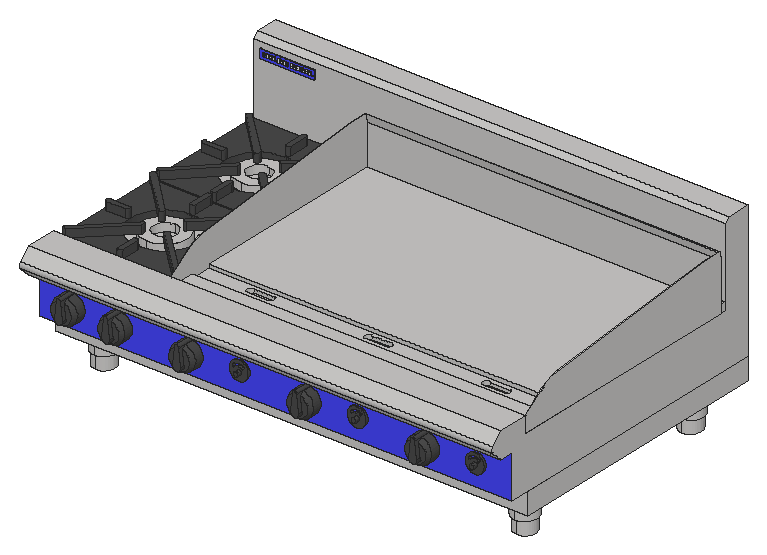
Revit family "QF_MOFFAT_BLUESEAL_CE_G518A-B", category Specialty Equipment, Revit 2012
Parameters
  Width = 1200 mm  # constant formula
  Weight in Pounds = 347  # constant formula
  URL Cutsheet = "www.moffat.com"
  URL = "www.moffat.com"
  Type Mark [instance] = ""
  Status [instance] = ""
  Specification by User [instance] = ""
  Specification by Manufacturer = ""
  Show Logo [instance] = yes
  Serial Number = ""
  Seismic Rating = ""
  SMACNA No = ""
  Revision Code [instance] = ""
  Omniclass Number and Title = ""
  NAFEM Spec ID Number = ""
  Model = "G518A-B"
  Mechanical Remarks [instance] = ""
  Mechanical Connection Type [instance] = ""
  Masterspec = ""
  Manufacturer = "MOFFAT BLUESEAL"
  Item Number [instance] = ""
  Installed By [instance] = ""
  Identify Quantity as Lot [instance] = yes
  Height = 485 mm  # constant formula
  Gas Size = 3/4"
  Gas RI Height [instance] = 0 mm
  Gas KW = 32
  Gas Input [instance] = 81500.0 Btu/h
  Gas Connection Height = 0 mm
  Furnished By [instance] = ""
  Foodservice Equipment Identifier [instance] = yes
  Description = "1200MM GAS COOK TOP BENCH MOUNT"
  Depth = 812 mm  # constant formula
  CSI MasterFormat = ""
  CSI Master Format = ""
Reference planes
  plane 1 "BACK": y = 0
  plane 2: z = 0
  plane 3 "LEFT": x = 0
  plane 4 "RIGHT": x = 1200
  plane 5 "FRONT": y = -812
  plane 6 "TOP": z = 370
  plane 7 "Center Y": x = 600
  plane 8 "Center X": y = -406
  plane 9: z = 485
  plane 10: z = 315
Forms (mm)
  Revolve 1, solid, material "QF_Finishes_Stainless Steel"
    sketch origin (65.5, -728, 0) x (0, 1, 0) y (0, 0, 1)
      loop
        line (71.25, 85) -> (71.25, 35) -> (75.5, 35) -> (75.5, 0) -> (103, 0) -> (103, 85) -> (71.25, 85)
      axis (103, 85) -> (103, 0)
    angle from 0 to 360
  Revolve 2, solid, material "QF_Finishes_Stainless Steel"
    sketch origin (65.5, -210, 0) x (0, 1, 0) y (0, 0, 1)
      loop
        line (78.25, 85) -> (78.25, 35) -> (82.5, 35) -> (82.5, 0) -> (110, 0) -> (110, 85) -> (78.25, 85)
      axis (110, 85) -> (110, 0)
    angle from 0 to 360
  Extrusion 3, solid, material "QF_Finishes_Stainless Steel"
    sketch origin (405, 3, -500) x (1, 0, 0) y (0, 1, 0)
      loop
        circle (665, -35) r 13.5
    from 555 to 585
  Revolve 4, solid, material "QF_Finishes_Black"
    sketch origin (89.999, 7, -0.127) x (0, 1, 0) y (0, 0, -1)
      loop
        line (-789, -229.5) -> (-766, -229.5) -> (-766, -202) -> (-756, -202) -> (-756, -197) -> (-800, -197) -> (-800, -223.651) -> (-789, -229.5)
      axis (-800, -197) -> (-756, -197)
    angle from 0 to 360
  Extrusion 5, solid, material "QF_Finishes_Black"
    sketch origin (228.269, 7, 0.031) x (-1, 0, 0) y (0, 0, -1)
      loop
        line (127.85, -186.163) -> (133.27, -229.082)
        arc (133.27, -229.082) -> (138.269, -233.969) -> (143.267, -229.082) r 5
        line (143.267, -229.082) -> (148.756, -184.996)
        arc (148.756, -184.996) -> (137.684, -174.498) -> (127.85, -186.163) r 10.487
    from 759 to 808
  Extrusion 6, solid, material "QF_Finishes_Stainless Steel"
    sketch origin (0, 0, 0) x (0, 1, 0) y (0, 0, 1)
      loop
        line (-784.97, 250) -> (-749, 250) -> (-749, 140) -> (0, 140) -> (0, 485) -> (-57.5, 485) -> (-70, 472.5) -> (-70, 275) -> (-705, 275) -> (-705, 315) -> (-783.97, 315) -> (-808.498, 290.472)
        arc (-808.498, 290.472) -> (-812.007, 282) -> (-808.498, 273.528) r 11.982
        line (-808.498, 273.528) -> (-784.97, 250)
      loop
        line (0, 85) -> (0, 139.206) -> (-699, 139.206) -> (-699, 85) -> (0, 85)
    from 0 to 1200
  Revolve 7, solid, material "QF_Finishes_Black"
    sketch origin (210, 7, 0) x (0, 1, 0) y (0, 0, -1)
      loop
        line (-789, -229.5) -> (-766, -229.5) -> (-766, -202) -> (-756, -202) -> (-756, -197) -> (-800, -197) -> (-800, -223.651) -> (-789, -229.5)
      axis (-800, -197) -> (-756, -197)
    angle from 0 to 360
  Extrusion 8, solid, material "QF_Finishes_Black"
    sketch origin (348.27, 7, 0.158) x (-1, 0, 0) y (0, 0, -1)
      loop
        line (127.85, -186.163) -> (133.27, -229.082)
        arc (133.27, -229.082) -> (138.269, -233.969) -> (143.267, -229.082) r 5
        line (143.267, -229.082) -> (148.756, -184.996)
        arc (148.756, -184.996) -> (137.684, -174.498) -> (127.85, -186.163) r 10.487
    from 759 to 808
  Revolve 9, solid, material "QF_Finishes_Stainless Steel"
    sketch origin (1134.5, -728, 0) x (0, 1, 0) y (0, 0, -1)
      loop
        line (71.25, -85) -> (103, -85) -> (103, 0) -> (75.5, 0) -> (75.5, -35) -> (71.25, -35) -> (71.25, -85)
      axis (103, -85) -> (103, 0)
    angle from 0 to 360
  Revolve 10, solid, material "QF_Finishes_Stainless Steel"
    sketch origin (1134.5, -210, 0) x (0, 1, 0) y (0, 0, -1)
      loop
        line (78.25, -85) -> (110, -85) -> (110, 0) -> (82.5, 0) -> (82.5, -35) -> (78.25, -35) -> (78.25, -85)
      axis (110, -85) -> (110, 0)
    angle from 0 to 360
  Revolve 11, solid, material "QF_Finishes_Black"
    sketch origin (389.999, 7, -0.127) x (0, 1, 0) y (0, 0, -1)
      loop
        line (-789, -229.5) -> (-766, -229.5) -> (-766, -202) -> (-756, -202) -> (-756, -197) -> (-800, -197) -> (-800, -223.651) -> (-789, -229.5)
      axis (-800, -197) -> (-756, -197)
    angle from 0 to 360
  Extrusion 12, solid, material "QF_Finishes_Black"
    sketch origin (528.269, 7, 0.031) x (-1, 0, 0) y (0, 0, -1)
      loop
        line (127.85, -186.163) -> (133.27, -229.082)
        arc (133.27, -229.082) -> (138.269, -233.969) -> (143.267, -229.082) r 5
        line (143.267, -229.082) -> (148.756, -184.996)
        arc (148.756, -184.996) -> (137.684, -174.498) -> (127.85, -186.163) r 10.487
    from 759 to 808
  Revolve 13, solid, material "QF_Finishes_Black"
    sketch origin (689.999, 7, -0.127) x (0, 1, 0) y (0, 0, -1)
      loop
        line (-789, -229.5) -> (-766, -229.5) -> (-766, -202) -> (-756, -202) -> (-756, -197) -> (-800, -197) -> (-800, -223.651) -> (-789, -229.5)
      axis (-800, -197) -> (-756, -197)
    angle from 0 to 360
  Extrusion 14, solid, material "QF_Finishes_Black"
    sketch origin (828.269, 7, 0.031) x (-1, 0, 0) y (0, 0, -1)
      loop
        line (127.85, -186.163) -> (133.27, -229.082)
        arc (133.27, -229.082) -> (138.269, -233.969) -> (143.267, -229.082) r 5
        line (143.267, -229.082) -> (148.756, -184.996)
        arc (148.756, -184.996) -> (137.684, -174.498) -> (127.85, -186.163) r 10.487
    from 759 to 808
  Revolve 15, solid, material "QF_Finishes_Black"
    sketch origin (989.999, 7, -0.127) x (0, 1, 0) y (0, 0, -1)
      loop
        line (-789, -229.5) -> (-766, -229.5) -> (-766, -202) -> (-756, -202) -> (-756, -197) -> (-800, -197) -> (-800, -223.651) -> (-789, -229.5)
      axis (-800, -197) -> (-756, -197)
    angle from 0 to 360
  Extrusion 16, solid, material "QF_Finishes_Black"
    sketch origin (1128.269, 7, 0.031) x (-1, 0, 0) y (0, 0, -1)
      loop
        line (127.85, -186.163) -> (133.27, -229.082)
        arc (133.27, -229.082) -> (138.269, -233.969) -> (143.267, -229.082) r 5
        line (143.267, -229.082) -> (148.756, -184.996)
        arc (148.756, -184.996) -> (137.684, -174.498) -> (127.85, -186.163) r 10.487
    from 759 to 808
  Extrusion 17, solid, material "QF_Finishes_Black"
    sketch origin (0, -749, 266) x (0, 0, -1) y (1, 0, 0)
      loop
        circle (69, 510) r 23.9
      loop
        arc (61.641, 518.419) -> (62.501, 523.219) -> (57.701, 524.079) r 3.448
        arc (57.701, 524.079) -> (51.116, 509.341) -> (58.919, 495.209) r 18.095
        arc (58.919, 495.209) -> (63.641, 496.491) -> (62.326, 501.204) r 3.448
        arc (62.326, 501.204) -> (58.758, 509.683) -> (61.641, 518.419) r 13.109
      loop
        circle (69, 810) r 23.9
      loop
        arc (61.641, 818.419) -> (62.501, 823.219) -> (57.701, 824.079) r 3.448
        arc (57.701, 824.079) -> (51.116, 809.341) -> (58.919, 795.209) r 18.095
        arc (58.919, 795.209) -> (63.641, 796.491) -> (62.326, 801.204) r 3.448
        arc (62.326, 801.204) -> (58.758, 809.683) -> (61.641, 818.419) r 13.109
      loop
        circle (69, 1110) r 23.9
      loop
        arc (61.641, 1118.419) -> (62.501, 1123.219) -> (57.701, 1124.079) r 3.448
        arc (57.701, 1124.079) -> (51.116, 1109.341) -> (58.919, 1095.209) r 18.095
        arc (58.919, 1095.209) -> (63.641, 1096.491) -> (62.326, 1101.204) r 3.448
        arc (62.326, 1101.204) -> (58.758, 1109.683) -> (61.641, 1118.419) r 13.109
    from 0 to 5
  Extrusion 18, solid, material "QF_Finishes_Black"
    sketch origin (0, -754, 266) x (0, 0, -1) y (1, 0, 0)
      loop
        circle (72.5, 510) r 5.75
      loop
        circle (72.5, 810) r 5.75
      loop
        circle (72.5, 1110) r 5.75
    from 0 to 10
Lines and regions (mm)
  Split face 1
    outline origin (0, 0, 485) x (0, -1, 0) y (1, 0, 0)
      loop
        arc (18.185, 32.794) -> (23.185, 24.134) -> (33.185, 24.134) r 10
        line (33.185, 24.134) -> (40.185, 28.176)
        arc (40.185, 28.176) -> (43.845, 31.836) -> (45.185, 36.836) r 10
        line (45.185, 36.836) -> (45.185, 264.794)
        arc (45.185, 264.794) -> (40.185, 273.455) -> (30.185, 273.455) r 10
        line (30.185, 273.455) -> (23.185, 269.413)
        arc (23.185, 269.413) -> (19.525, 265.753) -> (18.185, 260.753) r 10
        line (18.185, 260.753) -> (18.185, 32.794)
  Split face 2
    outline origin (0, 0, 485) x (0, -1, 0) y (1, 0, 0)
      loop
        arc (18.185, 332.794) -> (23.185, 324.134) -> (33.185, 324.134) r 10
        line (33.185, 324.134) -> (40.185, 328.176)
        arc (40.185, 328.176) -> (43.845, 331.836) -> (45.185, 336.836) r 10
        line (45.185, 336.836) -> (45.185, 564.794)
        arc (45.185, 564.794) -> (40.185, 573.455) -> (30.185, 573.455) r 10
        line (30.185, 573.455) -> (23.185, 569.413)
        arc (23.185, 569.413) -> (19.525, 565.753) -> (18.185, 560.753) r 10
        line (18.185, 560.753) -> (18.185, 332.794)
  Split face 3
    outline origin (0, 0, 485) x (0, -1, 0) y (1, 0, 0)
      loop
        arc (45.185, 1164.794) -> (40.185, 1173.455) -> (30.185, 1173.455) r 10
        line (30.185, 1173.455) -> (23.185, 1169.413)
        arc (23.185, 1169.413) -> (19.525, 1165.753) -> (18.185, 1160.753) r 10
        line (18.185, 1160.753) -> (18.185, 932.794)
        arc (18.185, 932.794) -> (23.185, 924.134) -> (33.185, 924.134) r 10
        line (33.185, 924.134) -> (40.185, 928.176)
        arc (40.185, 928.176) -> (43.845, 931.836) -> (45.185, 936.836) r 10
        line (45.185, 936.836) -> (45.185, 1164.794)
  Split face 4
    outline origin (0, 0, 485) x (0, -1, 0) y (1, 0, 0)
      loop
        line (45.185, 636.836) -> (45.185, 864.794)
        arc (45.185, 864.794) -> (40.185, 873.455) -> (30.185, 873.455) r 10
        line (30.185, 873.455) -> (23.185, 869.413)
        arc (23.185, 869.413) -> (19.525, 865.753) -> (18.185, 860.753) r 10
        line (18.185, 860.753) -> (18.185, 632.794)
        arc (18.185, 632.794) -> (23.185, 624.134) -> (33.185, 624.134) r 10
        line (33.185, 624.134) -> (40.185, 628.176)
        arc (40.185, 628.176) -> (43.845, 631.836) -> (45.185, 636.836) r 10
  symbolic lines
    curve 1: line (0, 0, 0) -> (0, -812, 0)
    curve 2: line (1200, 0, 0) -> (0, 0, 0)
    curve 3: line (1200, -812, 0) -> (1200, 0, 0)
    curve 4: line (0, -70, 0) -> (1200, -70, 0)
    curve 5: line (0, -812, 0) -> (1200, -812, 0)
    curve 6: line (1200, -705, 0) -> (0, -705, 0)
    curve 7: line (0, -783.97, 0) -> (1200, -783.97, 0)
    curve 8: line (36.836, -45.185, 0) -> (264.794, -45.185, 0)
    curve 9: arc (264.794, -45.185, 0) -> (273.455, -40.185, 0) -> (273.455, -30.185, 0) r 10
    curve 10: line (273.455, -30.185, 0) -> (269.413, -23.185, 0)
    curve 11: arc (269.413, -23.185, 0) -> (265.753, -19.525, 0) -> (260.753, -18.185, 0) r 10
    curve 12: line (260.753, -18.185, 0) -> (32.794, -18.185, 0)
    curve 13: arc (32.794, -18.185, 0) -> (24.134, -23.185, 0) -> (24.134, -33.185, 0) r 10
    curve 14: line (24.134, -33.185, 0) -> (28.176, -40.185, 0)
    curve 15: arc (28.176, -40.185, 0) -> (31.836, -43.845, 0) -> (36.836, -45.185, 0) r 10
    curve 16: line (336.836, -45.185, 0) -> (564.794, -45.185, 0)
    curve 17: arc (564.794, -45.185, 0) -> (573.455, -40.185, 0) -> (573.455, -30.185, 0) r 10
    curve 18: line (573.455, -30.185, 0) -> (569.413, -23.185, 0)
    curve 19: arc (569.413, -23.185, 0) -> (565.753, -19.525, 0) -> (560.753, -18.185, 0) r 10
    curve 20: line (560.753, -18.185, 0) -> (332.794, -18.185, 0)
    curve 21: arc (332.794, -18.185, 0) -> (324.134, -23.185, 0) -> (324.134, -33.185, 0) r 10
    curve 22: line (324.134, -33.185, 0) -> (328.176, -40.185, 0)
    curve 23: arc (328.176, -40.185, 0) -> (331.836, -43.845, 0) -> (336.836, -45.185, 0) r 10
    curve 24: line (0, -57.5, 0) -> (1200, -57.5, 0)
    curve 25: line (860.753, -18.185, 0) -> (632.794, -18.185, 0)
    curve 26: arc (632.794, -18.185, 0) -> (624.134, -23.185, 0) -> (624.134, -33.185, 0) r 10
    curve 27: line (624.134, -33.185, 0) -> (628.176, -40.185, 0)
    curve 28: arc (628.176, -40.185, 0) -> (631.836, -43.845, 0) -> (636.836, -45.185, 0) r 10
    curve 29: line (636.836, -45.185, 0) -> (864.794, -45.185, 0)
    curve 30: arc (864.794, -45.185, 0) -> (873.455, -40.185, 0) -> (873.455, -30.185, 0) r 10
    curve 31: line (873.455, -30.185, 0) -> (869.413, -23.185, 0)
    curve 32: arc (869.413, -23.185, 0) -> (865.753, -19.525, 0) -> (860.753, -18.185, 0) r 10
    curve 33: line (932.794, -18.185, 0) -> (1160.753, -18.185, 0)
    curve 34: arc (1160.753, -18.185, 0) -> (1165.753, -19.525, 0) -> (1169.413, -23.185, 0) r 10
    curve 35: line (1169.413, -23.185, 0) -> (1173.455, -30.185, 0)
    curve 36: arc (1173.455, -30.185, 0) -> (1173.455, -40.185, 0) -> (1164.794, -45.185, 0) r 10
    curve 37: line (1164.794, -45.185, 0) -> (936.836, -45.185, 0)
    curve 38: arc (936.836, -45.185, 0) -> (931.836, -43.845, 0) -> (928.176, -40.185, 0) r 10
    curve 39: line (928.176, -40.185, 0) -> (924.134, -33.185, 0)
    curve 40: arc (924.134, -33.185, 0) -> (924.134, -23.185, 0) -> (932.794, -18.185, 0) r 10
Dimensions and locks
  equal spacing: plane 3 "LEFT", plane 7 "Center Y", plane 4 "RIGHT"
  "Width": plane 3 "LEFT" to plane 4 "RIGHT"
  equal spacing: plane 5 "FRONT", plane 8 "Center X", plane 1 "BACK"
  "Depth": plane 5 "FRONT" to plane 1 "BACK"
  equal spacing: plane 4 "RIGHT", plane 7 "Center Y", plane 3 "LEFT"
  plane 4 "RIGHT" to plane 3 "LEFT" = 1200 mm
  Extrusion 3 to level = 55 mm
  Extrusion 3 to plane 1 "BACK" = 32 mm
  plane 5 "FRONT" to plane 1 "BACK" = 812 mm
  "Height": plane 9 to level
  plane 10 to level = 315 mm
  Extrusion 3 sketch curve to plane 4 "RIGHT" = 130 mm
  Extrusion 3 sketch curve to plane 1 "BACK" = 32 mm
  aligned and locked: level to plane 2
  aligned and locked: curve 3 to plane 4 "RIGHT"
  aligned and locked: Extrusion 6 to plane 4 "RIGHT"
Automatic sketch dimensions
  plane 1 "BACK" to curve 1 = 0 mm
  curve 1 to plane 3 "LEFT" = 0 mm
  plane 5 "FRONT" to curve 1 = 0 mm
  plane 3 "LEFT" to curve 13 = 24.134 mm
  curve 14 to curve 14 = 4.041 mm
  curve 13 to curve 13 = 8.66 mm
  curve 14 to curve 8 = 8.66 mm
  plane 1 "BACK" to curve 11 = 28.185 mm
  curve 15 to curve 11 = 223.917 mm
  curve 11 to curve 9 = 4.041 mm
  plane 1 "BACK" to curve 10 = 23.185 mm
  curve 11 to curve 10 = 8.66 mm
  plane 1 "BACK" to curve 10 = 30.185 mm
  curve 11 to curve 10 = 4.041 mm
  curve 9 to curve 21 = 50.679 mm
  plane 1 "BACK" to curve 22 = 40.185 mm
  curve 22 to curve 22 = 4.041 mm
  curve 21 to curve 21 = 8.66 mm
  curve 23 to curve 23 = 8.66 mm
  plane 1 "BACK" to curve 20 = 18.185 mm
  curve 20 to plane 7 "Center Y" = 39.247 mm
  curve 19 to curve 17 = 4.041 mm
  plane 1 "BACK" to curve 18 = 23.185 mm
  curve 19 to curve 18 = 8.66 mm
  curve 18 to curve 18 = 4.041 mm
  curve 7 to plane 5 "FRONT" = 28.03 mm
  curve 7 to curve 6 = 78.97 mm
  curve 4 to curve 13 = 51.815 mm
  curve 4 to curve 24 = 12.5 mm
  curve 15 to curve 12 = 27 mm
  curve 23 to curve 23 = 5 mm
  curve 8 to curve 15 = 5 mm
  curve 17 to curve 19 = 7 mm
  curve 14 to curve 14 = 7 mm
  curve 22 to curve 22 = 7 mm
  Revolve 1 sketch curve to level = 0 mm
  level to Revolve 1 sketch curve = 35 mm
  Revolve 1 sketch curve to plane 5 "FRONT" = 155.25 mm
  Revolve 1 sketch curve to Revolve 1 sketch curve = 4.25 mm
  Revolve 1 sketch curve to Revolve 1 sketch curve = 27.5 mm  (x2)
  Revolve 1 sketch curve to Revolve 1 sketch curve = 55 mm
  Revolve 1 sketch curve to Revolve 1 sketch curve = 15 mm
  Revolve 1 sketch curve to Revolve 1 sketch curve = 35 mm
  Revolve 2 sketch curve to level = 0 mm
  level to Revolve 2 sketch curve = 35 mm
  plane 1 "BACK" to Revolve 2 sketch curve = 131.75 mm
  Revolve 2 sketch curve to Revolve 2 sketch curve = 4.25 mm
  Revolve 2 sketch curve to Revolve 2 sketch curve = 27.5 mm  (x2)
  Revolve 2 sketch curve to Revolve 2 sketch curve = 55 mm
  Revolve 2 sketch curve to Revolve 2 sketch curve = 15 mm
  Revolve 2 sketch curve to Revolve 2 sketch curve = 35 mm
  Revolve 4 sketch curve to plane 5 "FRONT" = 19 mm
  Revolve 4 sketch curve to Revolve 4 sketch curve = 0 mm  (x2)
  Revolve 4 sketch curve to Revolve 4 sketch curve = 11 mm
  Revolve 4 sketch curve to Revolve 4 sketch curve = 12.7 mm
  Revolve 4 sketch curve to Revolve 4 sketch curve = 23 mm
  Revolve 4 sketch curve to Revolve 4 sketch curve = 10 mm
  Revolve 4 sketch curve to plane 10 = 85.627 mm
  Revolve 4 sketch curve to Revolve 4 sketch curve = 5.849 mm
  Revolve 4 sketch curve to Revolve 4 sketch curve = 27.5 mm
  Revolve 4 sketch curve to Revolve 4 sketch curve = 5 mm
  plane 3 "LEFT" to Extrusion 5 sketch curve = 100.419 mm
  Extrusion 5 sketch curve to Extrusion 5 sketch curve = 5.421 mm
  Extrusion 5 sketch curve to Extrusion 5 sketch curve = 10.419 mm
  Extrusion 5 sketch curve to Extrusion 5 sketch curve = 4.999 mm  (x2)
  Extrusion 5 sketch curve to Extrusion 5 sketch curve = 10.487 mm
  Extrusion 5 sketch curve to plane 10 = 85.887 mm
  Extrusion 5 sketch curve to Extrusion 5 sketch curve = 0.113 mm
  Extrusion 5 sketch curve to Extrusion 5 sketch curve = 42.919 mm
  Extrusion 5 sketch curve to Extrusion 5 sketch curve = 1.167 mm
  Extrusion 6 sketch curve to plane 10 = 0 mm
  plane 9 to Extrusion 6 sketch curve = 0 mm
  Extrusion 6 sketch curve to plane 1 "BACK" = 0 mm  (x2)
  plane 1 "BACK" to Extrusion 6 sketch curve = 57.5 mm
  plane 9 to Extrusion 6 sketch curve = 12.5 mm
  Extrusion 6 sketch curve to Extrusion 6 sketch curve = 12.5 mm
  Extrusion 6 sketch curve to plane 5 "FRONT" = 113 mm
  Extrusion 6 sketch curve to plane 5 "FRONT" = 107 mm
  Extrusion 6 sketch curve to Extrusion 6 sketch curve = 50 mm
  Extrusion 6 sketch curve to plane 5 "FRONT" = 28.03 mm
  Extrusion 6 sketch curve to plane 5 "FRONT" = 27.03 mm
  Extrusion 6 sketch curve to plane 5 "FRONT" = 11.975 mm
  Extrusion 6 sketch curve to plane 5 "FRONT" = 3.502 mm  (x2)
  Extrusion 6 sketch curve to plane 10 = 24.528 mm
  Extrusion 6 sketch curve to Extrusion 6 sketch curve = 8.472 mm
  Extrusion 6 sketch curve to Extrusion 6 sketch curve = 40 mm
  Extrusion 6 sketch curve to Extrusion 6 sketch curve = 23.528 mm
  Extrusion 6 sketch curve to Extrusion 6 sketch curve = 110 mm
  Extrusion 6 sketch curve to Extrusion 6 sketch curve = 0.794 mm
  Extrusion 6 sketch curve to Extrusion 6 sketch curve = 54.206 mm
  Split face 1 sketch curve to Extrusion 6 = 18.185 mm
  Split face 1 sketch curve to Split face 1 sketch curve = 5 mm  (x3)
  Split face 1 sketch curve to Split face 1 sketch curve = 10 mm  (x2)
  Split face 1 sketch curve to Split face 1 sketch curve = 7 mm  (x4)
  Split face 1 sketch curve to Extrusion 6 = 24.134 mm
  Split face 1 sketch curve to Split face 1 sketch curve = 4.041 mm  (x2)
  Split face 1 sketch curve to Split face 1 sketch curve = 223.917 mm
  Split face 2 sketch curve to Extrusion 6 = 18.185 mm
  Split face 2 sketch curve to Split face 2 sketch curve = 5 mm  (x4)
  Split face 2 sketch curve to Split face 2 sketch curve = 10 mm
  Split face 2 sketch curve to Split face 2 sketch curve = 7 mm  (x4)
  Split face 2 sketch curve to Extrusion 6 = 324.134 mm
  Split face 2 sketch curve to Split face 2 sketch curve = 4.041 mm  (x2)
  Split face 2 sketch curve to Split face 2 sketch curve = 223.917 mm
  Split face 3 sketch curve to Extrusion 6 = 18.185 mm
  Split face 3 sketch curve to Split face 3 sketch curve = 5 mm  (x3)
  Split face 3 sketch curve to Split face 3 sketch curve = 10 mm  (x2)
  Split face 3 sketch curve to Split face 3 sketch curve = 7 mm  (x4)
  Split face 3 sketch curve to Extrusion 6 = 275.866 mm
  Split face 3 sketch curve to Split face 3 sketch curve = 4.041 mm  (x2)
  Split face 3 sketch curve to Extrusion 6 = 39.247 mm
  Revolve 7 sketch curve to plane 5 "FRONT" = 19 mm
  Revolve 7 sketch curve to Revolve 7 sketch curve = 0 mm  (x2)
  Revolve 7 sketch curve to Revolve 7 sketch curve = 11 mm
  Revolve 7 sketch curve to Revolve 7 sketch curve = 12.7 mm
  Revolve 7 sketch curve to Revolve 7 sketch curve = 23 mm
  Revolve 7 sketch curve to Revolve 7 sketch curve = 10 mm
  Revolve 7 sketch curve to plane 10 = 85.5 mm
  Revolve 7 sketch curve to Revolve 7 sketch curve = 5.849 mm
  Revolve 7 sketch curve to Revolve 7 sketch curve = 27.5 mm
  Revolve 7 sketch curve to Revolve 7 sketch curve = 5 mm
  plane 3 "LEFT" to Extrusion 8 sketch curve = 220.42 mm
  Extrusion 8 sketch curve to Extrusion 8 sketch curve = 5.421 mm
  Extrusion 8 sketch curve to Extrusion 8 sketch curve = 10.419 mm
  Extrusion 8 sketch curve to Extrusion 8 sketch curve = 4.999 mm  (x2)
  Extrusion 8 sketch curve to plane 10 = 85.76 mm
  Extrusion 8 sketch curve to Extrusion 8 sketch curve = 10.487 mm
  Extrusion 8 sketch curve to Extrusion 8 sketch curve = 0.113 mm
  Extrusion 8 sketch curve to Extrusion 8 sketch curve = 42.919 mm
  Extrusion 8 sketch curve to Extrusion 8 sketch curve = 1.167 mm
  Revolve 9 sketch curve to level = 0 mm
  level to Revolve 9 sketch curve = 35 mm
  Revolve 9 sketch curve to plane 5 "FRONT" = 155.25 mm
  Revolve 9 sketch curve to Revolve 9 sketch curve = 4.25 mm
  Revolve 9 sketch curve to Revolve 9 sketch curve = 27.5 mm  (x2)
  Revolve 9 sketch curve to Revolve 9 sketch curve = 15 mm
  Revolve 9 sketch curve to Revolve 9 sketch curve = 35 mm
  Revolve 9 sketch curve to level = 55 mm
  Revolve 10 sketch curve to level = 0 mm
  level to Revolve 10 sketch curve = 35 mm
  plane 1 "BACK" to Revolve 10 sketch curve = 131.75 mm
  Revolve 10 sketch curve to Revolve 10 sketch curve = 4.25 mm
  Revolve 10 sketch curve to Revolve 10 sketch curve = 27.5 mm  (x2)
  Revolve 10 sketch curve to Revolve 10 sketch curve = 15 mm
  Revolve 10 sketch curve to Revolve 10 sketch curve = 35 mm
  Revolve 10 sketch curve to level = 55 mm
  Revolve 11 sketch curve to plane 5 "FRONT" = 19 mm
  Revolve 11 sketch curve to Revolve 11 sketch curve = 0 mm  (x2)
  Revolve 11 sketch curve to Revolve 11 sketch curve = 11 mm
  Revolve 11 sketch curve to Revolve 11 sketch curve = 12.7 mm
  Revolve 11 sketch curve to Revolve 11 sketch curve = 23 mm
  Revolve 11 sketch curve to Revolve 11 sketch curve = 10 mm
  Revolve 11 sketch curve to plane 10 = 85.627 mm
  Revolve 11 sketch curve to Revolve 11 sketch curve = 5.849 mm
  Revolve 11 sketch curve to Revolve 11 sketch curve = 27.5 mm
  Revolve 11 sketch curve to Revolve 11 sketch curve = 5 mm
  Extrusion 12 sketch curve to plane 7 "Center Y" = 199.581 mm
  Extrusion 12 sketch curve to Extrusion 12 sketch curve = 5.421 mm
  Extrusion 12 sketch curve to Extrusion 12 sketch curve = 10.419 mm
  Extrusion 12 sketch curve to Extrusion 12 sketch curve = 4.999 mm  (x2)
  Extrusion 12 sketch curve to plane 10 = 85.887 mm
  Extrusion 12 sketch curve to Extrusion 12 sketch curve = 10.487 mm
  Extrusion 12 sketch curve to Extrusion 12 sketch curve = 0.113 mm
  Extrusion 12 sketch curve to Extrusion 12 sketch curve = 42.919 mm
  Extrusion 12 sketch curve to Extrusion 12 sketch curve = 1.167 mm
  Revolve 13 sketch curve to plane 5 "FRONT" = 19 mm
  Revolve 13 sketch curve to Revolve 13 sketch curve = 0 mm  (x2)
  Revolve 13 sketch curve to Revolve 13 sketch curve = 11 mm
  Revolve 13 sketch curve to Revolve 13 sketch curve = 12.7 mm
  Revolve 13 sketch curve to Revolve 13 sketch curve = 23 mm
  Revolve 13 sketch curve to Revolve 13 sketch curve = 10 mm
  Revolve 13 sketch curve to plane 10 = 85.627 mm
  Revolve 13 sketch curve to Revolve 13 sketch curve = 5.849 mm
  Revolve 13 sketch curve to Revolve 13 sketch curve = 27.5 mm
  Revolve 13 sketch curve to Revolve 13 sketch curve = 5 mm
  plane 7 "Center Y" to Extrusion 14 sketch curve = 100.419 mm
  Extrusion 14 sketch curve to Extrusion 14 sketch curve = 5.421 mm
  Extrusion 14 sketch curve to Extrusion 14 sketch curve = 10.419 mm
  Extrusion 14 sketch curve to Extrusion 14 sketch curve = 4.999 mm  (x2)
  Extrusion 14 sketch curve to Extrusion 14 sketch curve = 10.487 mm
  Extrusion 14 sketch curve to plane 10 = 85.887 mm
  Extrusion 14 sketch curve to Extrusion 14 sketch curve = 0.113 mm
  Extrusion 14 sketch curve to Extrusion 14 sketch curve = 42.919 mm
  Extrusion 14 sketch curve to Extrusion 14 sketch curve = 1.167 mm
  Revolve 15 sketch curve to plane 5 "FRONT" = 19 mm
  Revolve 15 sketch curve to Revolve 15 sketch curve = 0 mm  (x2)
  Revolve 15 sketch curve to Revolve 15 sketch curve = 11 mm
  Revolve 15 sketch curve to Revolve 15 sketch curve = 12.7 mm
  Revolve 15 sketch curve to Revolve 15 sketch curve = 23 mm
  Revolve 15 sketch curve to Revolve 15 sketch curve = 10 mm
  Revolve 15 sketch curve to plane 10 = 85.627 mm
  Revolve 15 sketch curve to Revolve 15 sketch curve = 5.849 mm
  Revolve 15 sketch curve to Revolve 15 sketch curve = 27.5 mm
  Revolve 15 sketch curve to Revolve 15 sketch curve = 5 mm
  plane 4 "RIGHT" to Extrusion 16 sketch curve = 199.581 mm
  Extrusion 16 sketch curve to Extrusion 16 sketch curve = 5.421 mm
  Extrusion 16 sketch curve to Extrusion 16 sketch curve = 10.419 mm
  Extrusion 16 sketch curve to Extrusion 16 sketch curve = 4.999 mm  (x2)
  Extrusion 16 sketch curve to plane 10 = 85.887 mm
  Extrusion 16 sketch curve to Extrusion 16 sketch curve = 10.487 mm
  Extrusion 16 sketch curve to Extrusion 16 sketch curve = 0.113 mm
  Extrusion 16 sketch curve to Extrusion 16 sketch curve = 42.919 mm
  Extrusion 16 sketch curve to Extrusion 16 sketch curve = 1.167 mm
  Split face 4 sketch curve to Extrusion 6 = 18.185 mm
  Split face 4 sketch curve to Split face 4 sketch curve = 5 mm  (x2)
  Split face 4 sketch curve to Split face 4 sketch curve = 10 mm  (x3)
  Split face 4 sketch curve to Split face 4 sketch curve = 7 mm  (x4)
  Split face 4 sketch curve to Extrusion 6 = 624.134 mm
  Split face 4 sketch curve to Split face 4 sketch curve = 4.041 mm  (x2)
  Split face 4 sketch curve to Split face 4 sketch curve = 223.917 mm
  plane 7 "Center Y" to curve 27 = 24.134 mm
  curve 26 to curve 27 = 4.041 mm
  curve 26 to curve 26 = 8.66 mm
  curve 27 to curve 29 = 8.66 mm
  plane 1 "BACK" to curve 25 = 18.185 mm
  curve 28 to curve 25 = 223.917 mm
  curve 32 to curve 29 = 4.041 mm
  curve 32 to curve 32 = 8.66 mm
  plane 1 "BACK" to curve 31 = 30.185 mm
  curve 31 to curve 31 = 4.041 mm
  curve 30 to curve 30 = 15 mm
  curve 29 to curve 27 = 5 mm
  curve 28 to curve 27 = 7 mm
  curve 30 to curve 32 = 7 mm
  plane 1 "BACK" to curve 39 = 33.185 mm
  curve 31 to curve 39 = 50.679 mm
  curve 39 to curve 38 = 4.041 mm
  curve 39 to curve 33 = 8.66 mm
  curve 40 to curve 38 = 4.041 mm
  plane 1 "BACK" to curve 34 = 18.185 mm
  plane 4 "RIGHT" to curve 34 = 39.247 mm
  curve 34 to curve 37 = 4.041 mm
  plane 1 "BACK" to curve 35 = 23.185 mm
  curve 34 to curve 35 = 8.66 mm
  curve 34 to curve 35 = 4.041 mm
  curve 38 to curve 39 = 12 mm
  curve 38 to curve 39 = 7 mm
  curve 36 to curve 34 = 7 mm
  Extrusion 6 to Extrusion 17 sketch curve = 41.701 mm  (x3)
  Extrusion 17 sketch curve to Extrusion 17 sketch curve = 1.218 mm  (x3)
  Extrusion 17 sketch curve to Extrusion 17 sketch curve = 1.97 mm  (x6)
  Extrusion 17 sketch curve to Extrusion 17 sketch curve = 1.724 mm  (x3)
  Extrusion 17 sketch curve to Extrusion 17 sketch curve = 1.683 mm  (x3)
  Extrusion 17 sketch curve to Extrusion 17 sketch curve = 6.674 mm  (x3)
  Extrusion 17 sketch curve to Extrusion 17 sketch curve = 0.195 mm  (x3)
  Extrusion 17 sketch curve to Extrusion 17 sketch curve = 2.662 mm  (x3)
  Extrusion 6 to Extrusion 17 sketch curve = 495.209 mm
  Extrusion 17 sketch curve to Extrusion 17 sketch curve = 2.986 mm  (x3)
  Extrusion 17 sketch curve to Extrusion 17 sketch curve = 8.796 mm  (x3)
  Extrusion 17 sketch curve to Extrusion 17 sketch curve = 0.103 mm  (x3)
  Extrusion 17 sketch curve to Extrusion 17 sketch curve = 0.102 mm  (x3)
  Extrusion 17 sketch curve to Extrusion 17 sketch curve = 271.13 mm
  Extrusion 6 to Extrusion 17 sketch curve = 104.791 mm
  Extrusion 18 sketch curve to Extrusion 18 sketch curve = 0 mm  (x2)
  Extrusion 18 sketch curve to Extrusion 18 sketch curve = 300 mm  (x2)
  radius of Extrusion 3 sketch curve = 13.5 mm
  radius of Extrusion 17 sketch curve = 23.9 mm  (x3)
  radius of Extrusion 18 sketch curve = 5.75 mm  (x3)
Nested families
  nested 1: "WALDORF LOGO_FACE BASE" at (18.6, -70, 458.604) x (1, 0, 0) z (0, -1, 0), visible <- "Show Logo", type "WALDORF LOGO_FACE BASE", detail levels medium+fine
    with Show Logo yes
  nested 2: "GAS BURNER 300 & GRIDDLE 900" at (0, -70, 275), type "GAS BURNER 300 & GRIDDLE 900"
    with Width 1200 mm, Type Mark "", Status "", Specification by User "", Revision Code "", Item Number "", Installed By "", Identify Quantity as Lot yes, Furnished By "", Foodservice Equipment Identifier yes, Depth 635 mm
Connectors
  piping at (1070, -32, 55)
    settings: on Extrusion 3, index 1, connector radius 0.37402", flow factor 0, pipe flow 0 GPM, pressure drop 0.00 psi, fitting loss kfactor 0, connector angle 0.00°, fixture units 0, engagement length 0 mm, flow configuration 1, flow direction 1, fitting loss method 0, system type 7, joint type 0, gender type 0, connector reference index -1, connector utility 0, adjustable connector no, is connector primary yes, fitting loss table "", connector description "GAS CONNECTION"
Definition of nested family "WALDORF LOGO_FACE BASE"
  Parameters (values of type "WALDORF LOGO_FACE BASE")
    Show Logo [instance] = yes
    Default Elevation = 1219.2 mm
  Reference planes
    plane 1 "Center (Front/Back)": y = 0
    plane 2: z = 0
    plane 3 "Center (Left/Right)": x = 0
  Forms (mm)
    Extrusion 1, solid
      sketch origin (0, 0, 0) x (1, 0, 0) y (0, 1, 0)
        loop
          line (-1219.2, 1219.2) -> (-1219.2, -1219.2) -> (1219.2, -1219.2) -> (1219.2, 1219.2) -> (-1219.2, 1219.2)
      from 0 to -304.8
    Extrusion 2, solid, material "QF_Finishes_Blue", visible <- "Show Logo"
      sketch origin (0, -33.217, 0) x (1, 0, 0) y (0, 1, 0)
        loop
          arc (138, 31.942) -> (137.626, 32.844) -> (136.724, 33.217) r 1.276
          line (136.724, 33.217) -> (1.29, 33.217)
          arc (1.29, 33.217) -> (0.378, 32.839) -> (0, 31.927) r 1.29
          line (0, 31.927) -> (0, 11.507)
          arc (0, 11.507) -> (0.378, 10.595) -> (1.29, 10.217) r 1.29
          line (1.29, 10.217) -> (136.71, 10.217)
          arc (136.71, 10.217) -> (137.622, 10.595) -> (138, 11.507) r 1.29
          line (138, 11.507) -> (138, 31.942)
      from 0 to 1.588
    Extrusion 3, solid, material "QF_Finishes_White", visible <- "Show Logo"
      sketch origin (0, -33.217, 1.588) x (1, 0, 0) y (0, 1, 0)
        loop
          arc (108.946, 25.919) -> (107.613, 25.367) -> (107.061, 24.034) r 1.885
          line (107.061, 24.034) -> (107.061, 17.211) -> (112.704, 17.211) -> (112.704, 19.129) -> (115.546, 19.129) -> (115.546, 17.211) -> (121.584, 17.211) -> (121.584, 24.075)
          arc (121.584, 24.075) -> (121.043, 25.379) -> (119.739, 25.919) r 1.845
          line (119.739, 25.919) -> (108.946, 25.919)
        loop
          line (123.478, 25.919) -> (123.478, 17.163) -> (134.904, 17.163) -> (134.904, 19.129) -> (129.246, 19.129) -> (129.246, 25.919) -> (123.478, 25.919)
        loop
          line (112.704, 21.258) -> (115.546, 21.258) -> (115.546, 22.702)
          arc (115.546, 22.702) -> (115.344, 23.188) -> (114.858, 23.389) r 0.687
          line (114.858, 23.389) -> (113.363, 23.389)
          arc (113.363, 23.389) -> (112.897, 23.196) -> (112.704, 22.73) r 0.658
          line (112.704, 22.73) -> (112.704, 21.258)
        loop
          line (105.071, 25.919) -> (93.771, 25.919) -> (93.771, 17.163) -> (105.071, 17.163) -> (105.071, 19.063) -> (99.535, 19.063) -> (99.535, 20.437) -> (105.071, 20.437) -> (105.071, 22.278) -> (99.535, 22.278) -> (99.535, 23.587) -> (105.071, 23.587) -> (105.071, 25.919)
        loop
          line (91.104, 25.919) -> (79.541, 25.919)
          arc (79.541, 25.919) -> (78.558, 25.513) -> (78.152, 24.53) r 1.389
          line (78.152, 24.53) -> (78.152, 22.08)
          arc (78.152, 22.08) -> (78.558, 21.098) -> (79.541, 20.691) r 1.389
          line (79.541, 20.691) -> (86.346, 20.691) -> (86.346, 18.864) -> (83.266, 18.864) -> (83.266, 19.664) -> (78.152, 19.664) -> (78.152, 18.553)
          arc (78.152, 18.553) -> (78.558, 17.57) -> (79.541, 17.163) r 1.389
          line (79.541, 17.163) -> (91.063, 17.163)
          arc (91.063, 17.163) -> (92.045, 17.57) -> (92.452, 18.553) r 1.389
          line (92.452, 18.553) -> (92.452, 20.691)
          arc (92.452, 20.691) -> (92.045, 21.673) -> (91.063, 22.08) r 1.389
          line (91.063, 22.08) -> (83.266, 22.08) -> (83.266, 23.984) -> (86.346, 23.984) -> (86.346, 22.743) -> (92.452, 22.743) -> (92.452, 24.571)
          arc (92.452, 24.571) -> (92.057, 25.524) -> (91.104, 25.919) r 1.348
        loop
          line (70.705, 25.919) -> (59.405, 25.919) -> (59.405, 17.163) -> (70.705, 17.163) -> (70.705, 19.063) -> (65.169, 19.063) -> (65.169, 20.437) -> (70.705, 20.437) -> (70.705, 22.278) -> (65.169, 22.278) -> (65.169, 23.587) -> (70.705, 23.587) -> (70.705, 25.919)
        loop
          line (57.598, 25.919) -> (51.7, 25.919) -> (51.7, 20.18)
          arc (51.7, 20.18) -> (50.63, 19.11) -> (49.56, 20.18) r 1.07
          line (49.56, 20.18) -> (49.56, 25.919) -> (43.663, 25.919) -> (43.663, 19.049)
          arc (43.663, 19.049) -> (44.215, 17.716) -> (45.548, 17.163) r 1.885
          line (45.548, 17.163) -> (55.71, 17.163)
          arc (55.71, 17.163) -> (57.045, 17.716) -> (57.598, 19.051) r 1.887
          line (57.598, 19.051) -> (57.598, 25.919)
        loop
          line (31.62, 25.919) -> (31.62, 17.163) -> (43.046, 17.163) -> (43.046, 19.129) -> (37.388, 19.129) -> (37.388, 25.919) -> (31.62, 25.919)
        loop
          line (15.969, 25.919) -> (15.969, 17.163) -> (28.693, 17.163)
          arc (28.693, 17.163) -> (29.812, 17.627) -> (30.276, 18.746) r 1.582
          line (30.276, 18.746) -> (30.276, 20.447) -> (29.48, 21.243) -> (30.276, 22.039) -> (30.276, 24.332)
          arc (30.276, 24.332) -> (29.811, 25.454) -> (28.688, 25.919) r 1.587
          line (28.688, 25.919) -> (15.969, 25.919)
        loop
          line (21.449, 24.159) -> (21.449, 22.436) -> (23.862, 22.436)
          arc (23.862, 22.436) -> (24.723, 23.298) -> (23.862, 24.159) r 0.861
          line (23.862, 24.159) -> (21.449, 24.159)
        loop
          line (21.449, 20.244) -> (21.449, 18.522) -> (23.862, 18.522)
          arc (23.862, 18.522) -> (24.723, 19.383) -> (23.862, 20.244) r 0.861
          line (23.862, 20.244) -> (21.449, 20.244)
      from 0 to 0.2
    Extrusion 4, solid, material "QF_Finishes_Blue", visible <- "Show Logo"
      sketch origin (-126.498, -31.09, 1.588) x (1, 0, 0) y (0, 1, 0)
        loop
          line (136.738, 23.522) -> (136.738, 15.1)
          arc (136.738, 15.1) -> (140.756, 19.311) -> (136.738, 23.522) r 4.216
      from 0 to 0.2
    Extrusion 5, solid, material "QF_Finishes_Red", visible <- "Show Logo"
      sketch origin (146.849, -31.09, 1.588) x (-1, 0, 0) y (0, -1, 0)
        loop
          arc (136.738, -23.522) -> (140.756, -19.311) -> (136.738, -15.1) r 4.216
          line (136.738, -15.1) -> (136.738, -23.522)
      from 0 to 0.2
  Lines and regions (mm)
    Split face 1
      outline origin (-90.35, -30.793, 1.588) x (1, 0, 0) y (0, 1, 0)
        loop
          circle (100.54, 19.013) r 4.536
  Dimensions and locks
    aligned and locked: plane 2 to Extrusion 1
    aligned and locked: level to Extrusion 1
Definition of nested family "GAS BURNER 300 & GRIDDLE 900"
  Parameters (values of type "GAS BURNER 300 & GRIDDLE 900")
    Width [instance] = 1200 mm
    Weight in Pounds = 0
    URL Cutsheet = ""
    Type Mark [instance] = ""
    Status [instance] = ""
    Specification by User [instance] = ""
    Specification by Manufacturer = ""
    Serial Number = ""
    Seismic Rating = ""
    SMACNA No = ""
    Revision Code [instance] = ""
    Omniclass Number and Title = ""
    NAFEM Spec ID Number = ""
    Masterspec = ""
    Item Number [instance] = ""
    Installed By [instance] = ""
    Identify Quantity as Lot [instance] = yes
    Furnished By [instance] = ""
    Foodservice Equipment Identifier [instance] = yes
    Depth [instance] = 635 mm
    CSI MasterFormat = ""
    CSI Master Format = ""
  Reference planes
    plane 1 "BACK": y = 0
    plane 2: z = 0
    plane 3 "LEFT": x = 0
    plane 4 "RIGHT": x = 1200
    plane 5 "FRONT": y = -635
    plane 6 "TOP": z = 142.5
    plane 7 "Center Y": x = 600
    plane 8 "Center X": y = -317.5
  Dimensions and locks
    equal spacing: plane 3 "LEFT", plane 7 "Center Y", plane 4 "RIGHT"
    "Width": plane 3 "LEFT" to plane 4 "RIGHT"
    equal spacing: plane 5 "FRONT", plane 8 "Center X", plane 1 "BACK"
    "Depth": plane 5 "FRONT" to plane 1 "BACK"
    aligned and locked: level to plane 2
  Nested families
    nested 1: "GAS BURNER 300 & GRIDDLE 600" at (-1, 0, 0), type "GAS BURNER 300 & GRIDDLE 600"
      with Width 300 mm, Type Mark "", Status "", Specification by User "", Revision Code "", Item Number "", Installed By "", Identify Quantity as Lot yes, Furnished By "", Foodservice Equipment Identifier yes, Depth 635 mm
    nested 2: "GAS GRIDDLE PLATE 900" at (300, -15, 0), type "GAS GRIDDLE PLATE 900"
      with Width 900 mm, Type Mark "", Status "", Specification by User "", Revision Code "", Item Number "", Installed By "", Identify Quantity as Lot yes, Furnished By "", Foodservice Equipment Identifier yes, Depth 620 mm
  Definition of nested family "GAS BURNER 300 & GRIDDLE 600"
    Parameters (values of type "GAS BURNER 300 & GRIDDLE 600")
      Width [instance] = 300 mm
      Weight in Pounds = 0
      URL Cutsheet = ""
      Type Mark [instance] = ""
      Status [instance] = ""
      Specification by User [instance] = ""
      Specification by Manufacturer = ""
      Serial Number = ""
      Seismic Rating = ""
      SMACNA No = ""
      Revision Code [instance] = ""
      Omniclass Number and Title = ""
      NAFEM Spec ID Number = ""
      Masterspec = ""
      Item Number [instance] = ""
      Installed By [instance] = ""
      Identify Quantity as Lot [instance] = yes
      Furnished By [instance] = ""
      Foodservice Equipment Identifier [instance] = yes
      Depth [instance] = 635 mm
      CSI MasterFormat = ""
      CSI Master Format = ""
    Reference planes
      plane 1 "BACK": y = 0
      plane 2: z = 0
      plane 3 "LEFT": x = 0
      plane 4 "RIGHT": x = 300
      plane 5 "FRONT": y = -635
      plane 6 "TOP": z = 142.5
      plane 7 "Center Y": x = 150
      plane 8 "Center X": y = -317.5
    Forms (mm)
      Extrusion 1, solid, material "QF_Finishes_Black"
        sketch origin (0, 0, 0) x (0, -1, 0) y (1, 0, 0)
          loop
            line (318.5, 4) -> (318.5, 296)
            arc (318.5, 296) -> (317.621, 298.121) -> (315.5, 299) r 3
            line (315.5, 299) -> (3, 299)
            arc (3, 299) -> (0.879, 298.121) -> (0, 296) r 3
            line (0, 296) -> (0, 4)
            arc (0, 4) -> (0.879, 1.879) -> (3, 1) r 3
            line (3, 1) -> (315.5, 1)
            arc (315.5, 1) -> (317.621, 1.879) -> (318.5, 4) r 3
          loop
            line (324.5, 1) -> (632, 1)
            arc (632, 1) -> (634.121, 1.879) -> (635, 4) r 3
            line (635, 4) -> (635, 296)
            arc (635, 296) -> (634.121, 298.121) -> (632, 299) r 3
            line (632, 299) -> (324.5, 299)
            arc (324.5, 299) -> (322.379, 298.121) -> (321.5, 296) r 3
            line (321.5, 296) -> (321.5, 4)
            arc (321.5, 4) -> (322.379, 1.879) -> (324.5, 1) r 3
          loop
            circle (168.5, 149.991) r 84.082
          loop
            circle (468.5, 149.991) r 84.082
        from 0 to 19.5
      Extrusion 2, solid, material "QF_Finishes_Black"
        sketch origin (0, 0, 19.5) x (0, -1, 0) y (1, 0, 0)
          loop
            spline (326.102, 15.153) -> (325.181, 13.924) -> (324.631, 12.47) -> (324.49, 10.89) -> (324.767, 9.292) -> (325.443, 7.786) -> (326.473, 6.473) -> (327.786, 5.443) -> (329.292, 4.767) -> (330.89, 4.49) -> (332.47, 4.631) -> (333.924, 5.181) -> (335.153, 6.102)
            line (335.153, 6.102) -> (443.076, 114.025)
            spline (443.076, 114.025) -> (443.837, 115.095) -> (444.238, 116.399) -> (444.251, 117.851) -> (443.875, 119.35) -> (443.137, 120.795) -> (442.086, 122.086) -> (440.795, 123.137) -> (439.35, 123.875) -> (437.851, 124.251) -> (436.399, 124.238) -> (435.095, 123.837) -> (434.025, 123.076)
            line (434.025, 123.076) -> (326.102, 15.153)
          loop
            spline (328.898, 156.4) -> (327.604, 156.182) -> (326.398, 155.543) -> (325.362, 154.525) -> (324.568, 153.2) -> (324.068, 151.656) -> (323.898, 150) -> (324.068, 148.344) -> (324.568, 146.8) -> (325.362, 145.475) -> (326.398, 144.457) -> (327.604, 143.818) -> (328.898, 143.6)
            line (328.898, 143.6) -> (378.102, 143.6)
            spline (378.102, 143.6) -> (379.396, 143.818) -> (380.602, 144.457) -> (381.638, 145.475) -> (382.432, 146.8) -> (382.932, 148.344) -> (383.102, 150) -> (382.932, 151.656) -> (382.432, 153.2) -> (381.638, 154.525) -> (380.602, 155.543) -> (379.396, 156.182) -> (378.102, 156.4)
            line (378.102, 156.4) -> (328.898, 156.4)
          loop
            spline (335.153, 293.898) -> (334.084, 294.659) -> (332.779, 295.059) -> (331.328, 295.072) -> (329.829, 294.697) -> (328.384, 293.959) -> (327.092, 292.908) -> (326.041, 291.616) -> (325.303, 290.171) -> (324.928, 288.672) -> (324.941, 287.221) -> (325.341, 285.916) -> (326.102, 284.847)
            line (326.102, 284.847) -> (434.025, 176.924)
            spline (434.025, 176.924) -> (435.095, 176.163) -> (436.399, 175.762) -> (437.851, 175.749) -> (439.35, 176.125) -> (440.795, 176.863) -> (442.086, 177.914) -> (443.137, 179.205) -> (443.875, 180.65) -> (444.251, 182.149) -> (444.238, 183.601) -> (443.837, 184.905) -> (443.076, 185.975)
            line (443.076, 185.975) -> (335.153, 293.898)
          loop
            line (463.6, 291.102) -> (463.6, 241.898)
            spline (463.6, 241.898) -> (463.818, 240.604) -> (464.457, 239.398) -> (465.475, 238.362) -> (466.8, 237.568) -> (468.344, 237.068) -> (470, 236.898) -> (471.656, 237.068) -> (473.2, 237.568) -> (474.525, 238.362) -> (475.543, 239.398) -> (476.182, 240.604) -> (476.4, 241.898)
            line (476.4, 241.898) -> (476.4, 291.102)
            spline (476.4, 291.102) -> (476.182, 292.396) -> (475.543, 293.602) -> (474.525, 294.638) -> (473.2, 295.432) -> (471.656, 295.932) -> (470, 296.102) -> (468.344, 295.932) -> (466.8, 295.432) -> (465.475, 294.638) -> (464.457, 293.602) -> (463.818, 292.396) -> (463.6, 291.102)
          loop
            spline (612.398, 284.847) -> (613.159, 285.916) -> (613.559, 287.221) -> (613.572, 288.672) -> (613.197, 290.171) -> (612.459, 291.616) -> (611.408, 292.908) -> (610.116, 293.959) -> (608.671, 294.697) -> (607.172, 295.072) -> (605.721, 295.059) -> (604.416, 294.659) -> (603.347, 293.898)
            line (603.347, 293.898) -> (496.924, 185.975)
            spline (496.924, 185.975) -> (496.163, 184.905) -> (495.762, 183.601) -> (495.749, 182.149) -> (496.125, 180.65) -> (496.863, 179.205) -> (497.914, 177.914) -> (499.205, 176.863) -> (500.65, 176.125) -> (502.149, 175.749) -> (503.601, 175.762) -> (504.905, 176.163) -> (505.975, 176.924)
            line (505.975, 176.924) -> (612.398, 284.847)
          loop
            spline (609.602, 143.6) -> (610.896, 143.818) -> (612.102, 144.457) -> (613.138, 145.475) -> (613.932, 146.8) -> (614.432, 148.344) -> (614.602, 150) -> (614.432, 151.656) -> (613.932, 153.2) -> (613.138, 154.525) -> (612.102, 155.543) -> (610.896, 156.182) -> (609.602, 156.4)
            line (609.602, 156.4) -> (561.898, 156.4)
            spline (561.898, 156.4) -> (560.604, 156.182) -> (559.398, 155.543) -> (558.362, 154.525) -> (557.568, 153.2) -> (557.068, 151.656) -> (556.898, 150) -> (557.068, 148.344) -> (557.568, 146.8) -> (558.362, 145.475) -> (559.398, 144.457) -> (560.604, 143.818) -> (561.898, 143.6)
            line (561.898, 143.6) -> (609.602, 143.6)
          loop
            line (612.398, 15.153) -> (505.975, 123.076)
            spline (505.975, 123.076) -> (504.905, 123.837) -> (503.601, 124.238) -> (502.149, 124.251) -> (500.65, 123.875) -> (499.205, 123.137) -> (497.914, 122.086) -> (496.863, 120.795) -> (496.125, 119.35) -> (495.749, 117.851) -> (495.762, 116.399) -> (496.163, 115.095) -> (496.924, 114.025)
            line (496.924, 114.025) -> (603.347, 6.102)
            spline (603.347, 6.102) -> (604.416, 5.341) -> (605.721, 4.941) -> (607.172, 4.928) -> (608.671, 5.303) -> (610.116, 6.041) -> (611.408, 7.092) -> (612.459, 8.384) -> (613.197, 9.829) -> (613.572, 11.328) -> (613.559, 12.779) -> (613.159, 14.084) -> (612.398, 15.153)
          loop
            line (476.4, 8.898) -> (476.4, 58.102)
            spline (476.4, 58.102) -> (476.182, 59.396) -> (475.543, 60.602) -> (474.525, 61.638) -> (473.2, 62.432) -> (471.656, 62.932) -> (470, 63.102) -> (468.344, 62.932) -> (466.8, 62.432) -> (465.475, 61.638) -> (464.457, 60.602) -> (463.818, 59.396) -> (463.6, 58.102)
            line (463.6, 58.102) -> (463.6, 8.898)
            spline (463.6, 8.898) -> (463.818, 7.604) -> (464.457, 6.398) -> (465.475, 5.362) -> (466.8, 4.568) -> (468.344, 4.068) -> (470, 3.898) -> (471.656, 4.068) -> (473.2, 4.568) -> (474.525, 5.362) -> (475.543, 6.398) -> (476.182, 7.604) -> (476.4, 8.898)
          loop
            spline (22.602, 15.153) -> (21.681, 13.924) -> (21.131, 12.47) -> (20.99, 10.89) -> (21.267, 9.292) -> (21.943, 7.786) -> (22.973, 6.473) -> (24.286, 5.443) -> (25.792, 4.767) -> (27.39, 4.49) -> (28.97, 4.631) -> (30.424, 5.181) -> (31.653, 6.102)
            line (31.653, 6.102) -> (139.576, 114.025)
            spline (139.576, 114.025) -> (140.337, 115.095) -> (140.738, 116.399) -> (140.751, 117.851) -> (140.375, 119.35) -> (139.637, 120.795) -> (138.586, 122.086) -> (137.295, 123.137) -> (135.85, 123.875) -> (134.351, 124.251) -> (132.899, 124.238) -> (131.595, 123.837) -> (130.525, 123.076)
            line (130.525, 123.076) -> (22.602, 15.153)
          loop
            spline (25.398, 156.4) -> (24.104, 156.182) -> (22.898, 155.543) -> (21.862, 154.525) -> (21.068, 153.2) -> (20.568, 151.656) -> (20.398, 150) -> (20.568, 148.344) -> (21.068, 146.8) -> (21.862, 145.475) -> (22.898, 144.457) -> (24.104, 143.818) -> (25.398, 143.6)
            line (25.398, 143.6) -> (74.602, 143.6)
            spline (74.602, 143.6) -> (75.896, 143.818) -> (77.102, 144.457) -> (78.138, 145.475) -> (78.932, 146.8) -> (79.432, 148.344) -> (79.602, 150) -> (79.432, 151.656) -> (78.932, 153.2) -> (78.138, 154.525) -> (77.102, 155.543) -> (75.896, 156.182) -> (74.602, 156.4)
            line (74.602, 156.4) -> (25.398, 156.4)
          loop
            spline (31.653, 293.898) -> (30.584, 294.659) -> (29.279, 295.059) -> (27.828, 295.072) -> (26.329, 294.697) -> (24.884, 293.959) -> (23.592, 292.908) -> (22.541, 291.616) -> (21.803, 290.171) -> (21.428, 288.672) -> (21.441, 287.221) -> (21.841, 285.916) -> (22.602, 284.847)
            line (22.602, 284.847) -> (130.525, 176.924)
            spline (130.525, 176.924) -> (131.595, 176.163) -> (132.899, 175.762) -> (134.351, 175.749) -> (135.85, 176.125) -> (137.295, 176.863) -> (138.586, 177.914) -> (139.637, 179.205) -> (140.375, 180.65) -> (140.751, 182.149) -> (140.738, 183.601) -> (140.337, 184.905) -> (139.576, 185.975)
            line (139.576, 185.975) -> (31.653, 293.898)
          loop
            line (160.1, 291.102) -> (160.1, 241.898)
            spline (160.1, 241.898) -> (160.318, 240.604) -> (160.957, 239.398) -> (161.975, 238.362) -> (163.3, 237.568) -> (164.844, 237.068) -> (166.5, 236.898) -> (168.156, 237.068) -> (169.7, 237.568) -> (171.025, 238.362) -> (172.043, 239.398) -> (172.682, 240.604) -> (172.9, 241.898)
            line (172.9, 241.898) -> (172.9, 291.102)
            spline (172.9, 291.102) -> (172.682, 292.396) -> (172.043, 293.602) -> (171.025, 294.638) -> (169.7, 295.432) -> (168.156, 295.932) -> (166.5, 296.102) -> (164.844, 295.932) -> (163.3, 295.432) -> (161.975, 294.638) -> (160.957, 293.602) -> (160.318, 292.396) -> (160.1, 291.102)
          loop
            spline (313.898, 284.847) -> (314.659, 285.916) -> (315.059, 287.221) -> (315.072, 288.672) -> (314.697, 290.171) -> (313.959, 291.616) -> (312.908, 292.908) -> (311.616, 293.959) -> (310.171, 294.697) -> (308.672, 295.072) -> (307.221, 295.059) -> (305.916, 294.659) -> (304.847, 293.898)
            line (304.847, 293.898) -> (193.424, 185.975)
            spline (193.424, 185.975) -> (192.663, 184.905) -> (192.262, 183.601) -> (192.249, 182.149) -> (192.625, 180.65) -> (193.363, 179.205) -> (194.414, 177.914) -> (195.705, 176.863) -> (197.15, 176.125) -> (198.649, 175.749) -> (200.101, 175.762) -> (201.405, 176.163) -> (202.475, 176.924)
            line (202.475, 176.924) -> (313.898, 284.847)
          loop
            spline (311.102, 143.6) -> (312.396, 143.818) -> (313.602, 144.457) -> (314.638, 145.475) -> (315.432, 146.8) -> (315.932, 148.344) -> (316.102, 150) -> (315.932, 151.656) -> (315.432, 153.2) -> (314.638, 154.525) -> (313.602, 155.543) -> (312.396, 156.182) -> (311.102, 156.4)
            line (311.102, 156.4) -> (261.898, 156.4)
            spline (261.898, 156.4) -> (260.604, 156.182) -> (259.398, 155.543) -> (258.362, 154.525) -> (257.568, 153.2) -> (257.068, 151.656) -> (256.898, 150) -> (257.068, 148.344) -> (257.568, 146.8) -> (258.362, 145.475) -> (259.398, 144.457) -> (260.604, 143.818) -> (261.898, 143.6)
            line (261.898, 143.6) -> (311.102, 143.6)
          loop
            line (313.898, 15.153) -> (202.475, 123.076)
            spline (202.475, 123.076) -> (201.405, 123.837) -> (200.101, 124.238) -> (198.649, 124.251) -> (197.15, 123.875) -> (195.705, 123.137) -> (194.414, 122.086) -> (193.363, 120.795) -> (192.625, 119.35) -> (192.249, 117.851) -> (192.262, 116.399) -> (192.663, 115.095) -> (193.424, 114.025)
            line (193.424, 114.025) -> (304.847, 6.102)
            spline (304.847, 6.102) -> (305.916, 5.341) -> (307.221, 4.941) -> (308.672, 4.928) -> (310.171, 5.303) -> (311.616, 6.041) -> (312.908, 7.092) -> (313.959, 8.384) -> (314.697, 9.829) -> (315.072, 11.328) -> (315.059, 12.779) -> (314.659, 14.084) -> (313.898, 15.153)
          loop
            line (172.9, 8.898) -> (172.9, 58.102)
            spline (172.9, 58.102) -> (172.682, 59.396) -> (172.043, 60.602) -> (171.025, 61.638) -> (169.7, 62.432) -> (168.156, 62.932) -> (166.5, 63.102) -> (164.844, 62.932) -> (163.3, 62.432) -> (161.975, 61.638) -> (160.957, 60.602) -> (160.318, 59.396) -> (160.1, 58.102)
            line (160.1, 58.102) -> (160.1, 8.898)
            spline (160.1, 8.898) -> (160.318, 7.604) -> (160.957, 6.398) -> (161.975, 5.362) -> (163.3, 4.568) -> (164.844, 4.068) -> (166.5, 3.898) -> (168.156, 4.068) -> (169.7, 4.568) -> (171.025, 5.362) -> (172.043, 6.398) -> (172.682, 7.604) -> (172.9, 8.898)
        from 0 to 20.5
      Extrusion 3, solid, material "QF_Finishes_Stainless Steel"
        sketch origin (0, -15.098, 0) x (0, -1, 0) y (1, 0, 0)
          loop
            circle (151.402, 150) r 57
          loop
            circle (451.402, 150) r 57
          loop
            circle (151.402, 150) r 30
          loop
            circle (451.402, 150) r 30
        from 0 to 20
    Lines and regions (mm)
      symbolic lines
        curve 1: line (284.847, -22.602, 0) -> (176.924, -130.525, 0)
        curve 2: spline (176.924, -130.525, 0) -> (176.163, -131.595, 0) -> (175.762, -132.899, 0) -> (175.749, -134.351, 0) -> (176.125, -135.85, 0) -> (176.863, -137.295, 0) -> (177.914, -138.586, 0) -> (179.205, -139.637, 0) -> (180.65, -140.375, 0) -> (182.149, -140.751, 0) -> (183.601, -140.738, 0) -> (184.905, -140.337, 0) -> (185.975, -139.576, 0)
        curve 3: line (185.975, -139.576, 0) -> (293.898, -31.653, 0)
        curve 4: spline (293.898, -31.653, 0) -> (294.659, -30.584, 0) -> (295.059, -29.279, 0) -> (295.072, -27.828, 0) -> (294.697, -26.329, 0) -> (293.959, -24.884, 0) -> (292.908, -23.592, 0) -> (291.616, -22.541, 0) -> (290.171, -21.803, 0) -> (288.672, -21.428, 0) -> (287.221, -21.441, 0) -> (285.916, -21.841, 0) -> (284.847, -22.602, 0)
        curve 5: line (291.102, -160.1, 0) -> (241.898, -160.1, 0)
        curve 6: spline (241.898, -160.1, 0) -> (240.604, -160.318, 0) -> (239.398, -160.957, 0) -> (238.362, -161.975, 0) -> (237.568, -163.3, 0) -> (237.068, -164.844, 0) -> (236.898, -166.5, 0) -> (237.068, -168.156, 0) -> (237.568, -169.7, 0) -> (238.362, -171.025, 0) -> (239.398, -172.043, 0) -> (240.604, -172.682, 0) -> (241.898, -172.9, 0)
        curve 7: line (241.898, -172.9, 0) -> (291.102, -172.9, 0)
        curve 8: arc (150, -223.5, 0) -> (168.725, -220.336, 0) -> (185.372, -211.197, 0) r 57
        curve 9: arc (150, -109.5, 0) -> (131.183, -112.696, 0) -> (114.475, -121.924, 0) r 57
        curve 10: arc (149.991, -84.418, 0) -> (178.523, -89.406, 0) -> (203.668, -103.781, 0) r 84.082
        curve 11: arc (149.991, -252.582, 0) -> (120.441, -247.219, 0) -> (94.661, -231.812, 0) r 84.082
        curve 12: line (156.4, -74.602, 0) -> (156.4, -25.398, 0)
        curve 13: spline (156.4, -25.398, 0) -> (156.182, -24.104, 0) -> (155.543, -22.898, 0) -> (154.525, -21.862, 0) -> (153.2, -21.068, 0) -> (151.656, -20.568, 0) -> (150, -20.398, 0) -> (148.344, -20.568, 0) -> (146.8, -21.068, 0) -> (145.475, -21.862, 0) -> (144.457, -22.898, 0) -> (143.818, -24.104, 0) -> (143.6, -25.398, 0)
        curve 14: line (143.6, -25.398, 0) -> (143.6, -74.602, 0)
        curve 15: spline (143.6, -74.602, 0) -> (143.818, -75.896, 0) -> (144.457, -77.102, 0) -> (145.475, -78.138, 0) -> (146.8, -78.932, 0) -> (148.344, -79.432, 0) -> (150, -79.602, 0) -> (151.656, -79.432, 0) -> (153.2, -78.932, 0) -> (154.525, -78.138, 0) -> (155.543, -77.102, 0) -> (156.182, -75.896, 0) -> (156.4, -74.602, 0)
        curve 16: line (296, 0, 0) -> (4, 0, 0)
        curve 17: arc (4, 0, 0) -> (1.879, -0.879, 0) -> (1, -3, 0) r 3
        curve 18: line (1, -3, 0) -> (1, -315.5, 0)
        curve 19: arc (1, -315.5, 0) -> (1.879, -317.621, 0) -> (4, -318.5, 0) r 3
        curve 20: line (4, -318.5, 0) -> (296, -318.5, 0)
        curve 21: line (296, -321.5, 0) -> (4, -321.5, 0)
        curve 22: arc (4, -321.5, 0) -> (1.879, -322.379, 0) -> (1, -324.5, 0) r 3
        curve 23: line (1, -324.5, 0) -> (1, -632, 0)
        curve 24: arc (1, -632, 0) -> (1.879, -634.121, 0) -> (4, -635, 0) r 3
        curve 25: line (4, -635, 0) -> (296, -635, 0)
        curve 26: line (293.898, -304.847, 0) -> (185.975, -193.424, 0)
        curve 27: spline (185.975, -193.424, 0) -> (184.905, -192.663, 0) -> (183.601, -192.262, 0) -> (182.149, -192.249, 0) -> (180.65, -192.625, 0) -> (179.205, -193.363, 0) -> (177.914, -194.414, 0) -> (176.863, -195.705, 0) -> (176.125, -197.15, 0) -> (175.749, -198.649, 0) -> (175.762, -200.101, 0) -> (176.163, -201.405, 0) -> (176.924, -202.475, 0)
        curve 28: line (176.924, -202.475, 0) -> (284.847, -313.898, 0)
        curve 29: spline (284.847, -313.898, 0) -> (285.916, -314.659, 0) -> (287.221, -315.059, 0) -> (288.672, -315.072, 0) -> (290.171, -314.697, 0) -> (291.616, -313.959, 0) -> (292.908, -312.908, 0) -> (293.959, -311.616, 0) -> (294.697, -310.171, 0) -> (295.072, -308.672, 0) -> (295.059, -307.221, 0) -> (294.659, -305.916, 0) -> (293.898, -304.847, 0)
        curve 30: line (15.153, -313.898, 0) -> (123.076, -202.475, 0)
